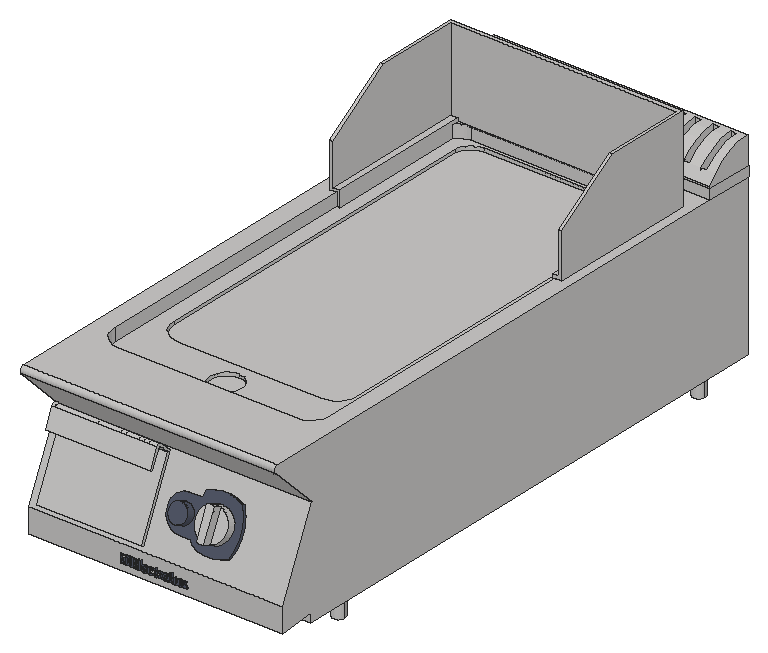
Revit family "QF_ELECTROLUXPROFESSIONAL_391402_E9IINAAOMCA", category Specialty Equipment, Revit 2018
Family settings
  Round Connector Dimension = Use Diameter
  Part Type = Normal
  Work Plane-Based = No
  Always vertical = Yes
  Cut with Voids When Loaded = No
  Shared = No
  Room Calculation Point = No
Parameters
  Width = 400 mm  # constant formula
  Weight in Pounds = 55  # constant formula
  Watts = 0 W
  URL Cutsheet = "www.electrolux.com/foodservice"
  URL = "www.electrolux.com/foodservice"
  Type Mark [instance] = ""
  Status [instance] = ""
  Specification by User [instance] = ""
  Specification by Manufacturer = ""
  Show Logo [instance] = yes
  Show Clearance [instance] = yes
  Serial Number = ""
  Seismic Rating = ""
  SMACNA No = ""
  Revision Code [instance] = ""
  Omniclass Number and Title = ""
  NAFEM Spec ID Number = ""
  Model = "391048"
  Mechanical Remarks [instance] = ""
  Mechanical Connection Type [instance] = ""
  Masterspec = ""
  Manufacturer = "ELECTROLUX"
  Item Number [instance] = ""
  Installed By [instance] = ""
  Identify Quantity as Lot [instance] = yes
  Height = 410 mm  # constant formula
  HP = "0 HP"
  Gas Size = 1/2"
  Gas RI Height [instance] = 0 mm
  Gas KW [instance] = 10
  Gas Input [instance] = 34090.0 Btu/h
  Gas Connection Height = 0 mm
  Furnished By [instance] = ""
  Foodservice Equipment Identifier [instance] = yes
  Direct Waste Size = 0"
  Description = "900XP HALF MODULE GAS FRY TOP, SMOOTH HORIZONTAL PLATE, MILD STEEL"
  Depth = 930 mm  # constant formula
  CSI MasterFormat = ""
  CSI Master Format = ""
  Base Height [instance] = 24 mm  # constant formula
Reference planes
  plane 1 "BACK": y = 0
  plane 2: z = 0
  plane 3 "LEFT": x = 0
  plane 4 "RIGHT": x = 400
  plane 5 "FRONT": y = -930
  plane 6 "TOP": z = 410
  plane 7 "Center Y": x = 200
  plane 8 "Center X": y = -465
  plane 9 "BASE": z = 24
  plane 10: y = -791
  plane 11: y = -83
  plane 12: x = 348
  plane 13: y = -1045
  plane 14: z = 275
  plane 15: y = -666
  plane 16: y = -346.873
Forms (mm)
  Extrusion 1, solid, material "QF_Clearances", visible <- "Show Clearance", detail levels coarse
    sketch origin (0, 0, 0) x (1, 0, 0) y (0, 1, 0)
      loop
        line (0, -930) -> (0, 0) -> (400.05, 0) -> (400.05, -930) -> (500.069, -930) -> (500.069, 100.019) -> (-100.019, 100.019) -> (-100.019, -930) -> (0, -930)
    from 0 to 410
  Extrusion 2, solid, material "QF_Finishes_Stainless Steel"
    sketch origin (0, -200, 0) x (0, 1, 0) y (0, 0, 1)
      loop
        line (200, 275) -> (-723.497, 275)
        arc (-723.497, 275) -> (-729.729, 270.836) -> (-728.267, 263.485) r 6.745
        line (-728.267, 263.485) -> (-657.416, 192.634) -> (-713.772, 70.59) -> (-713.772, 32.49) -> (-660.4, 38.1) -> (-660.4, 24) -> (200, 24) -> (200, 275)
    from 0 to 400.05
  Extrusion 3, void
    sketch origin (0, -202.381, 275.4) x (-1, 0, 0) y (0, -1, 0)
      loop
        arc (-55.4, -87.381) -> (-37.439, -79.942) -> (-30, -61.981) r 25.4
        line (-30, -61.981) -> (-30, 579.98)
        arc (-30, 579.98) -> (-40.99, 606.513) -> (-67.523, 617.504) r 37.523
        line (-67.523, 617.504) -> (-344.314, 617.504)
        arc (-344.314, 617.504) -> (-366.048, 608.501) -> (-375.05, 586.768) r 30.736
        line (-375.05, 586.768) -> (-375.05, -61.981)
        arc (-375.05, -61.981) -> (-367.611, -79.942) -> (-349.65, -87.381) r 25.4
        line (-349.65, -87.381) -> (-55.4, -87.381)
    from 0 to -20
  Extrusion 4, solid, material "QF_Finishes_Stainless Steel"
    sketch origin (0, -200, 0) x (1, 0, 0) y (0, 1, 0)
      loop
        circle (11.112, 117) r 9.525
      loop
        circle (11.112, -591) r 9.525
      loop
        circle (388.887, 117) r 9.525
      loop
        circle (388.888, -591) r 9.525
    from 0 to 24
  Extrusion 5, solid, material "QF_Finishes_Navy Blue - Electrolux"
    sketch origin (115.456, -913.772, 69.19) x (0, 0.419232, 0.907879) y (-1, 0, 0)
      loop
        arc (102.26, -132.62) -> (97.637, -130.762) -> (92.92, -129.161) r 90.355
        arc (92.92, -129.161) -> (93.04, -117.639) -> (92.027, -106.161) r 117.12
        arc (92.027, -106.161) -> (66.337, -82.611) -> (38.409, -103.459) r 27.322
        arc (38.409, -103.459) -> (36.611, -116.6) -> (37.509, -129.833) r 65.199
        arc (37.509, -129.833) -> (34.4, -130.94) -> (31.333, -132.16) r 90.355
        arc (31.333, -132.16) -> (24.504, -161.269) -> (31.333, -190.378) r 65.456
        arc (31.333, -190.378) -> (66.877, -199.452) -> (102.26, -189.765) r 71.728
        arc (102.26, -189.765) -> (108.852, -161.193) -> (102.26, -132.62) r 65.22
    from 0 to 3.175
  Extrusion 6, solid, material "QF_Finishes_Stainless Steel"
    sketch origin (115.456, -917.486, 68.721) x (0, 0.419232, 0.907879) y (-1, 0, 0)
      loop
        circle (68.826, -160.963) r 25.4
    from 0 to 12.7
  Extrusion 7, solid, material "QF_Finishes_Stainless Steel"
    sketch origin (115.456, -929.016, 74.045) x (0, 0.419232, 0.907879) y (-1, 0, 0)
      loop
        arc (93.558, -166.749) -> (94.226, -160.963) -> (93.558, -155.177) r 25.4
        line (93.558, -155.177) -> (44.094, -155.177)
        arc (44.094, -155.177) -> (43.426, -160.963) -> (44.094, -166.749) r 25.4
        line (44.094, -166.749) -> (93.558, -166.749)
    from 0 to 12.7
  Extrusion 8, solid, material "QF_Finishes_Navy Blue - Electrolux", visible <- "Show Logo"
    sketch origin (-142.26, -913.772, 35.853) x (0, 0, 1) y (-1, 0, 0)
      loop
        line (20.674, -296.698) -> (8.307, -296.698)
        arc (8.307, -296.698) -> (14.491, -301.27) -> (20.674, -296.698) r 6.467
      loop
        arc (20.674, -296.069) -> (19.505, -290.926) -> (14.849, -288.448) r 6.338
        line (14.849, -288.448) -> (14.849, -290.494)
        arc (14.849, -290.494) -> (16.333, -294.149) -> (19.778, -296.069) r 5.941
        line (19.778, -296.069) -> (20.674, -296.069)
      loop
        arc (9.203, -296.069) -> (12.648, -294.149) -> (14.132, -290.494) r 5.941
        line (14.132, -290.494) -> (14.132, -288.448)
        arc (14.132, -288.448) -> (9.438, -290.922) -> (8.148, -296.069) r 6.504
        line (8.148, -296.069) -> (9.203, -296.069)
      loop
        line (21.349, -287.979) -> (7.604, -287.979) -> (7.604, -301.742) -> (21.349, -301.742) -> (21.349, -287.979)
      loop
        arc (21.432, -304.71) -> (21.085, -304.352) -> (20.718, -304.69) r 0.358
        arc (20.718, -304.69) -> (20.404, -305.44) -> (19.687, -305.825) r 1.216
        line (19.687, -305.825) -> (9.274, -305.825)
        arc (9.274, -305.825) -> (8.614, -305.548) -> (8.218, -304.951) r 1.238
        arc (8.218, -304.951) -> (7.823, -304.7) -> (7.518, -305.054) r 0.358
        line (7.518, -305.054) -> (7.518, -314.933) -> (10.269, -314.933) -> (10.269, -314.036)
        arc (10.269, -314.036) -> (9.36, -313.456) -> (8.904, -312.479) r 1.928
        line (8.904, -312.479) -> (8.904, -309.98)
        arc (8.904, -309.98) -> (9.18, -309.251) -> (9.868, -308.887) r 1.101
        line (9.868, -308.887) -> (13.955, -308.887) -> (13.955, -312.561)
        arc (13.955, -312.561) -> (13.602, -313.058) -> (13.037, -313.286) r 1.083
        arc (13.037, -313.286) -> (12.773, -313.591) -> (13.065, -313.869) r 0.292
        line (13.065, -313.869) -> (16.028, -313.869)
        arc (16.028, -313.869) -> (16.33, -313.596) -> (16.092, -313.266) r 0.305
        arc (16.092, -313.266) -> (15.601, -313.018) -> (15.296, -312.561) r 1.083
        line (15.296, -312.561) -> (15.296, -308.887) -> (19.973, -308.887) -> (19.973, -312.635)
        arc (19.973, -312.635) -> (19.759, -313.39) -> (19.153, -313.888) r 1.314
        arc (19.153, -313.888) -> (18.934, -314.292) -> (19.288, -314.585) r 0.361
        line (19.288, -314.585) -> (21.432, -314.585) -> (21.432, -304.71)
      loop
        arc (20.715, -315.365) -> (20.335, -316.284) -> (19.416, -316.664) r 1.299
        line (19.416, -316.664) -> (9.837, -316.664)
        arc (9.837, -316.664) -> (8.999, -316.286) -> (8.728, -315.408) r 1.118
        line (8.728, -315.408) -> (7.518, -315.408) -> (7.518, -320.758) -> (8.706, -320.758)
        arc (8.706, -320.758) -> (8.978, -319.841) -> (9.848, -319.445) r 1.153
        line (9.848, -319.445) -> (21.92, -319.445) -> (20.715, -315.365)
      loop
        line (12.483, -323.394) -> (12.483, -329.842) -> (13.282, -329.842)
        arc (13.282, -329.842) -> (15.862, -328.857) -> (17.131, -326.404) r 3.874
        line (17.131, -326.404) -> (17.131, -324.643)
        arc (17.131, -324.643) -> (15.944, -321.778) -> (13.08, -320.592) r 4.051
        line (13.08, -320.592) -> (11.072, -320.592)
        arc (11.072, -320.592) -> (8.253, -322.077) -> (7.202, -325.084) r 4.352
        arc (7.202, -325.084) -> (7.566, -327.547) -> (8.943, -329.621) r 5.713
        line (8.943, -329.621) -> (9.892, -329.621)
        arc (9.892, -329.621) -> (9.16, -328.052) -> (8.943, -326.334) r 5.579
        arc (8.943, -326.334) -> (9.737, -324.371) -> (11.616, -323.394) r 3.057
        line (11.616, -323.394) -> (12.483, -323.394)
      loop
        line (13.742, -323.394) -> (13.742, -326.977)
        arc (13.742, -326.977) -> (15.199, -327.024) -> (16.082, -325.864) r 1.59
        line (16.082, -325.864) -> (16.082, -325.034)
        arc (16.082, -325.034) -> (15.217, -323.779) -> (13.742, -323.394) r 2.184
      loop
        arc (16.533, -339.259) -> (17.022, -337.585) -> (17.179, -335.848) r 9.023
        line (17.179, -335.848) -> (17.179, -334.486)
        arc (17.179, -334.486) -> (16.02, -331.686) -> (13.22, -330.527) r 3.959
        line (13.22, -330.527) -> (10.62, -330.527)
        arc (10.62, -330.527) -> (8.338, -331.819) -> (7.221, -334.192) r 4.331
        line (7.221, -334.192) -> (7.221, -336.327)
        arc (7.221, -336.327) -> (7.729, -337.877) -> (8.651, -339.223) r 5.772
        arc (8.651, -339.223) -> (9.412, -339.274) -> (9.499, -338.515) r 0.553
        arc (9.499, -338.515) -> (9.111, -337.781) -> (8.977, -336.962) r 2.573
        line (8.977, -336.962) -> (8.977, -335.447)
        arc (8.977, -335.447) -> (9.983, -333.806) -> (11.798, -333.163) r 2.884
        line (11.798, -333.163) -> (13.077, -333.163)
        arc (13.077, -333.163) -> (14.898, -333.723) -> (15.824, -335.388) r 2.554
        line (15.824, -335.388) -> (15.824, -336.441)
        arc (15.824, -336.441) -> (15.493, -337.369) -> (14.836, -338.104) r 2.564
        arc (14.836, -338.104) -> (14.614, -338.821) -> (15.223, -339.259) r 0.643
        line (15.223, -339.259) -> (16.533, -339.259)
      loop
        line (15.515, -339.53) -> (15.515, -341.031) -> (9.467, -341.031)
        arc (9.467, -341.031) -> (7.879, -341.688) -> (7.221, -343.276) r 2.246
        line (7.221, -343.276) -> (7.221, -344.86)
        arc (7.221, -344.86) -> (7.535, -345.725) -> (8.035, -346.496) r 4.06
        arc (8.035, -346.496) -> (8.768, -346.629) -> (9.019, -345.928) r 0.576
        arc (9.019, -345.928) -> (8.913, -345.403) -> (8.977, -344.87) r 1.69
        arc (8.977, -344.87) -> (9.519, -344.082) -> (10.425, -343.779) r 1.506
        line (10.425, -343.779) -> (15.563, -343.779) -> (15.563, -346.176) -> (16.119, -346.733) -> (16.941, -346.733) -> (16.941, -343.873) -> (20.172, -343.873) -> (15.515, -339.53)
      loop
        line (7.438, -347.63) -> (7.438, -353.017) -> (8.548, -353.017)
        arc (8.548, -353.017) -> (8.942, -352.066) -> (9.893, -351.672) r 1.345
        line (9.893, -351.672) -> (13.509, -351.672)
        arc (13.509, -351.672) -> (14.274, -352.264) -> (14.564, -353.186) r 1.615
        line (14.564, -353.186) -> (14.564, -354.742) -> (17.119, -355.427) -> (17.119, -354.044) -> (15.177, -351.485) -> (17.057, -351.485) -> (16.773, -348.779)
        arc (16.773, -348.779) -> (16.333, -348.249) -> (15.674, -348.45) r 0.621
        arc (15.674, -348.45) -> (15.274, -348.792) -> (14.78, -348.975) r 1.501
        line (14.78, -348.975) -> (9.893, -348.975)
        arc (9.893, -348.975) -> (8.942, -348.581) -> (8.548, -347.63) r 1.345
        line (8.548, -347.63) -> (7.438, -347.63)
      loop
        line (13.54, -354.964) -> (10.848, -354.964)
        arc (10.848, -354.964) -> (8.403, -356.272) -> (7.269, -358.803) r 4.288
        arc (7.269, -358.803) -> (7.205, -360.183) -> (7.269, -361.563) r 15.022
        arc (7.269, -361.563) -> (8.403, -364.094) -> (10.848, -365.401) r 4.288
        line (10.848, -365.401) -> (13.54, -365.401)
        arc (13.54, -365.401) -> (15.986, -364.094) -> (17.119, -361.563) r 4.288
        arc (17.119, -361.563) -> (17.183, -360.183) -> (17.119, -358.803) r 15.022
        arc (17.119, -358.803) -> (15.986, -356.272) -> (13.54, -354.964) r 4.288
      loop
        line (13.745, -358.078) -> (10.643, -358.078)
        arc (10.643, -358.078) -> (8.486, -360.235) -> (10.643, -362.392) r 2.157
        line (10.643, -362.392) -> (13.745, -362.392)
        arc (13.745, -362.392) -> (15.902, -360.235) -> (13.745, -358.078) r 2.157
      loop
        arc (20.726, -365.26) -> (20.355, -366.154) -> (19.461, -366.524) r 1.264
        line (19.461, -366.524) -> (9.597, -366.524)
        arc (9.597, -366.524) -> (8.727, -366.127) -> (8.455, -365.211) r 1.153
        line (8.455, -365.211) -> (7.518, -365.211) -> (7.518, -370.319) -> (8.446, -370.319)
        arc (8.446, -370.319) -> (8.805, -369.547) -> (9.597, -369.232) r 1.153
        line (9.597, -369.232) -> (21.92, -369.232) -> (20.726, -365.26)
      loop
        arc (15.846, -369.857) -> (15.647, -370.921) -> (14.678, -371.403) r 1.215
        line (14.678, -371.403) -> (9.658, -371.403)
        arc (9.658, -371.403) -> (8.043, -372.051) -> (7.322, -373.634) r 2.338
        line (7.322, -373.634) -> (7.322, -375.148)
        arc (7.322, -375.148) -> (7.497, -376.152) -> (7.999, -377.038) r 2.979
        line (7.999, -377.038) -> (7.518, -378.835) -> (7.518, -380.524) -> (16.943, -380.524) -> (16.649, -376.32) -> (15.863, -376.32)
        arc (15.863, -376.32) -> (15.507, -377.156) -> (14.755, -377.665) r 1.605
        line (14.755, -377.665) -> (9.652, -377.665)
        arc (9.652, -377.665) -> (9.232, -376.728) -> (9.159, -375.704) r 2.94
        arc (9.159, -375.704) -> (9.72, -374.603) -> (10.873, -374.16) r 1.724
        line (10.873, -374.16) -> (17.07, -374.16) -> (15.846, -369.857)
      loop
        line (16.874, -381.377) -> (15.202, -383.423) -> (12.028, -385.729) -> (8.572, -382.617)
        arc (8.572, -382.617) -> (8.335, -382.223) -> (8.357, -381.764) r 0.789
        line (8.357, -381.764) -> (7.518, -381.764) -> (7.518, -385.309) -> (8.344, -385.309)
        arc (8.344, -385.309) -> (8.686, -384.947) -> (9.176, -385.039) r 0.52
        line (9.176, -385.039) -> (10.976, -386.51) -> (8.858, -387.886)
        arc (8.858, -387.886) -> (8.457, -387.576) -> (8.37, -387.076) r 0.7
        line (8.37, -387.076) -> (7.518, -387.076) -> (7.518, -393.003) -> (8.405, -393.003)
        arc (8.405, -393.003) -> (8.472, -392.344) -> (8.866, -391.813) r 1.247
        line (8.866, -391.813) -> (13.066, -388.532) -> (15.513, -390.585) -> (16.874, -392.327) -> (16.874, -388.604) -> (15.389, -389.026) -> (13.868, -387.749) -> (15.568, -386.559) -> (16.874, -387.336) -> (16.874, -381.377)
    from 0 to 1.644
  Extrusion 9, solid, material "QF_Finishes_Stainless Steel"
    sketch origin (0, -200, 0) x (0, 1, 0) y (0, 0, 1)
      loop
        line (-658.831, 188.559) -> (-675.238, 204.966)
        arc (-675.238, 204.966) -> (-679.705, 206.368) -> (-683.409, 203.504) r 5.058
        line (-683.409, 203.504) -> (-696.071, 175.994) -> (-693.187, 174.666) -> (-680.525, 202.176)
        arc (-680.525, 202.176) -> (-679.146, 203.243) -> (-677.483, 202.721) r 1.883
        line (-677.483, 202.721) -> (-662.64, 187.878) -> (-713.474, 77.433) -> (-710.589, 76.105) -> (-658.831, 188.559)
    from 12.7 to 177.8
  Extrusion 10, solid, material "QF_Door-Drawer Clearances", visible <- "Show Clearance", detail levels coarse
    sketch origin (0, -301.6, 0) x (0, 1, 0) y (0, 0, 1)
      loop
        line (-576.323, 206.368) -> (-709.631, 206.368)
        arc (-709.631, 206.368) -> (-711.835, 205.39) -> (-713.335, 203.504) r 5.058
        line (-713.335, 203.504) -> (-725.997, 175.994) -> (-723.113, 174.666) -> (-710.451, 202.176)
        arc (-710.451, 202.176) -> (-709.072, 203.243) -> (-707.409, 202.721) r 1.883
        line (-707.409, 202.721) -> (-692.566, 187.878) -> (-743.4, 77.433) -> (-740.516, 76.105) -> (-608.989, 76.105) -> (-557.231, 188.559) -> (-573.638, 204.966)
        arc (-573.638, 204.966) -> (-574.873, 205.873) -> (-576.323, 206.368) r 5.058
    from 12.7 to 177.8
  Extrusion 11, solid, material "QF_Finishes_Stainless Steel"
    sketch origin (0, 0, 24) x (-1, 0, 0) y (0, 1, 0)
      loop
        circle (-348.05, -666) r 6.4
    from 0 to 18
  Extrusion 12, solid, material "QF_Finishes_Stainless Steel"
    sketch origin (0, -200, 0) x (0, -1, 0) y (0, 0, 1)
      loop
        line (-124.988, 275) -> (-124.988, 290) -> (-200, 290) -> (-200, 275) -> (-124.988, 275)
    from 0 to -400.05
  Extrusion 13, solid, material "QF_Finishes_Stainless Steel"
    sketch origin (0, 0, 0) x (0, 1, 0) y (0, 0, 1)
      loop
        line (0, 290) -> (0, 333.762)
        arc (0, 333.762) -> (-42.919, 323.313) -> (-75.012, 292.959) r 86.116
        line (-75.012, 292.959) -> (-75.012, 290) -> (0, 290)
    from 0 to 400
  Extrusion 14, void
    sketch origin (0, 0, 273.238) x (-1, 0, 0) y (0, -1, 0)
      loop
        line (-13.453, 6.761) -> (-13.453, 63.911) -> (-22.749, 63.911) -> (-22.749, 6.761) -> (-13.453, 6.761)
    from 25.4 to 63.5
  Extrusion 15, void
    sketch origin (400.05, 0, 273.238) x (1, 0, 0) y (0, 1, 0)
      loop
        line (-13.503, -6.761) -> (-22.799, -6.761) -> (-22.799, -63.911) -> (-13.503, -63.911) -> (-13.503, -6.761)
    from 25.4 to 63.5
  Extrusion 16, void
    sketch origin (27.988, 0, 273.238) x (-1, 0, 0) y (0, -1, 0)
      loop
        line (-13.453, 6.761) -> (-13.453, 63.911) -> (-22.749, 63.911) -> (-22.749, 6.761) -> (-13.453, 6.761)
    from 25.4 to 63.5
  Extrusion 17, void
    sketch origin (55.977, 0, 273.238) x (-1, 0, 0) y (0, -1, 0)
      loop
        line (-13.453, 6.761) -> (-13.453, 63.911) -> (-22.749, 63.911) -> (-22.749, 6.761) -> (-13.453, 6.761)
    from 25.4 to 63.5
  Extrusion 18, void
    sketch origin (83.965, 0, 273.238) x (-1, 0, 0) y (0, -1, 0)
      loop
        line (-13.428, 6.761) -> (-13.428, 63.911) -> (-22.724, 63.911) -> (-22.724, 6.761) -> (-13.428, 6.761)
    from 25.4 to 63.5
  Extrusion 19, void
    sketch origin (111.953, 0, 273.238) x (-1, 0, 0) y (0, -1, 0)
      loop
        line (-13.428, 6.761) -> (-13.428, 63.911) -> (-22.724, 63.911) -> (-22.724, 6.761) -> (-13.428, 6.761)
    from 25.4 to 63.5
  Extrusion 20, void
    sketch origin (139.942, 0, 273.238) x (-1, 0, 0) y (0, -1, 0)
      loop
        line (-13.428, 6.761) -> (-13.428, 63.911) -> (-22.724, 63.911) -> (-22.724, 6.761) -> (-13.428, 6.761)
    from 25.4 to 63.5
  Extrusion 21, void
    sketch origin (167.93, 0, 273.238) x (-1, 0, 0) y (0, -1, 0)
      loop
        line (-13.428, 6.761) -> (-13.428, 63.911) -> (-22.724, 63.911) -> (-22.724, 6.761) -> (-13.428, 6.761)
    from 25.4 to 63.5
  Extrusion 22, void
    sketch origin (307.872, 0, 273.238) x (-1, 0, 0) y (0, -1, 0)
      loop
        line (-13.403, 6.761) -> (-13.403, 63.911) -> (-22.699, 63.911) -> (-22.699, 6.761) -> (-13.403, 6.761)
    from 25.4 to 63.5
  Extrusion 23, void
    sketch origin (335.86, 0, 273.238) x (-1, 0, 0) y (0, -1, 0)
      loop
        line (-13.403, 6.761) -> (-13.403, 63.911) -> (-22.699, 63.911) -> (-22.699, 6.761) -> (-13.403, 6.761)
    from 25.4 to 63.5
  Extrusion 24, void
    sketch origin (228.013, 0, 273.238) x (-1, 0, 0) y (0, -1, 0)
      loop
        line (-13.428, 6.761) -> (-13.428, 63.911) -> (-22.724, 63.911) -> (-22.724, 6.761) -> (-13.428, 6.761)
    from 25.4 to 63.5
  Extrusion 25, void
    sketch origin (256.002, 0, 273.238) x (-1, 0, 0) y (0, -1, 0)
      loop
        line (-13.428, 6.761) -> (-13.428, 63.911) -> (-22.724, 63.911) -> (-22.724, 6.761) -> (-13.428, 6.761)
    from 25.4 to 63.5
  Extrusion 26, void
    sketch origin (283.99, 0, 273.238) x (-1, 0, 0) y (0, -1, 0)
      loop
        line (-13.403, 6.761) -> (-13.403, 63.911) -> (-22.699, 63.911) -> (-22.699, 6.761) -> (-13.403, 6.761)
    from 25.4 to 63.5
  Extrusion 27, void
    sketch origin (200.025, 0, 273.238) x (-1, 0, 0) y (0, -1, 0)
      loop
        line (-13.428, 6.761) -> (-13.428, 63.911) -> (-22.724, 63.911) -> (-22.724, 6.761) -> (-13.428, 6.761)
    from 25.4 to 63.5
  Extrusion 28, void
    sketch origin (0, -202.381, 255.4) x (0, -1, 0) y (-1, 0, 0)
      loop
        arc (-56.619, -55) -> (-74.579, -62.439) -> (-82.019, -80.4) r 25.4
        line (-82.019, -80.4) -> (-82.019, -322.6)
        arc (-82.019, -322.6) -> (-74.579, -340.561) -> (-56.619, -348) r 25.4
        line (-56.619, -348) -> (501.768, -348)
        arc (501.768, -348) -> (523.501, -338.998) -> (532.504, -317.264) r 30.736
        line (532.504, -317.264) -> (532.504, -92.523)
        arc (532.504, -92.523) -> (521.513, -65.99) -> (494.98, -55) r 37.523
        line (494.98, -55) -> (-56.619, -55)
      loop
        circle (572.619, -200) r 25
    from 0 to 5
  Extrusion 29, solid, material "QF_Finishes_Navy Blue - Electrolux"
    sketch origin (115.456, -916.655, 70.521) x (0, 0.419232, 0.907879) y (-1, 0, 0)
      loop
        circle (65.09, -109.237) r 15
    from 0 to 12.7
  Extrusion 30, solid, material "QF_Finishes_Stainless Steel"
    sketch origin (0, 0, 275) x (0, 0, -1) y (-1, 0, 0)
      loop
        line (19.6, -30) -> (0, -30) -> (0, -20) -> (-135, -20) -> (-135, -25) -> (-5, -25) -> (-5, -35) -> (19.6, -35) -> (19.6, -30)
      loop
        line (19.6, -375.05) -> (19.6, -370.05) -> (-5, -370.05) -> (-5, -380.05) -> (-135, -380.05) -> (-135, -385.05) -> (0, -385.05) -> (0, -375.05) -> (19.6, -375.05)
    from -110 to -346.873
  Extrusion 31, void
    sketch origin (385.05, 0, 292.959) x (0, 0, -1) y (0, -1, 0)
      loop
        line (-52.041, 346.873) -> (-117.041, 346.873) -> (-117.041, 246.781) -> (-52.041, 346.873)
    from 0 to 12.7
  Extrusion 32, void
    sketch origin (25, 0, 292.959) x (0, 0, -1) y (0, -1, 0)
      loop
        line (-52.041, 346.873) -> (-117.041, 346.873) -> (-117.041, 246.781) -> (-52.041, 346.873)
    from 0 to 12.7
  Extrusion 33, solid, material "QF_Finishes_Stainless Steel"
    sketch origin (0, -110, 275) x (0, 0, -1) y (-1, 0, 0)
      loop
        line (-135, -20) -> (-135, -385.05) -> (0, -385.05) -> (0, -20) -> (-135, -20)
    from 0 to -5
Cuts and joins
  Extrusion 3, Extrusion 28 cuts Extrusion 2
  Extrusion 14, Extrusion 15, Extrusion 16, Extrusion 17, Extrusion 18, Extrusion 19, Extrusion 20, Extrusion 21, Extrusion 22, Extrusion 23, Extrusion 24, Extrusion 25, Extrusion 26, Extrusion 27 cuts Extrusion 13
  Extrusion 24 cuts Extrusion 1
  Extrusion 31, Extrusion 32 cuts Extrusion 30
  joined: Extrusion 30, Extrusion 33
Lines and regions (mm)
  Split face 1
    outline origin (115.456, -928.185, 75.846) x (0, 0.419232, 0.907879) y (-1, 0, 0)
      loop
        line (78.679, -108.296) -> (67.103, -108.296) -> (67.103, -110.296) -> (78.679, -110.296) -> (78.679, -108.296)
  symbolic lines, style "QF_Clearances", visible <- "Show Clearance", detail levels coarse
    curve 1: line (-100.019, 100.019, 276.225) -> (-100.019, -930, 276.225)
    curve 2: line (500.069, 100.019, 276.225) -> (-100.019, 100.019, 276.225)
    curve 3: line (500.069, -930, 276.225) -> (500.069, 100.019, 276.225)
  symbolic lines
    curve 4: line (0, -75.012, 276.225) -> (400.05, -75.012, 276.225)
    curve 5: line (0, -930.25, 276.225) -> (0, 0, 276.225)
    curve 6: line (400.05, 0, 276.225) -> (400.05, -930.25, 276.225)
    curve 7: line (30, -346.873, 276.225) -> (30, -782.362, 276.225)
    curve 8: arc (30, -782.362, 276.225) -> (40.99, -808.895, 276.225) -> (67.523, -819.885, 276.225) r 37.523
    curve 9: arc (344.314, -819.885, 276.225) -> (366.048, -810.883, 276.225) -> (375.05, -789.149, 276.225) r 30.736
    curve 10: line (375.05, -789.149, 276.225) -> (375.05, -346.873, 276.225)
    curve 11: line (400.05, -930.25, 276.225) -> (0, -930.25, 276.225)
    curve 12: line (67.523, -819.885, 276.225) -> (344.314, -819.885, 276.225)
    curve 16: line (0, 0, 276.225) -> (400.05, 0, 276.225)
    curve 17: line (22.749, -6.761, 276.225) -> (22.749, -63.911, 276.225)
    curve 18: line (22.749, -63.911, 276.225) -> (13.453, -63.911, 276.225)
    curve 19: line (13.453, -63.911, 276.225) -> (13.453, -6.761, 276.225)
    curve 20: line (13.453, -6.761, 276.225) -> (22.749, -6.761, 276.225)
    curve 21: line (50.737, -6.761, 276.225) -> (50.737, -63.911, 276.225)
    curve 22: line (50.737, -63.911, 276.225) -> (41.441, -63.911, 276.225)
    curve 23: line (41.441, -63.911, 276.225) -> (41.441, -6.761, 276.225)
    curve 24: line (41.441, -6.761, 276.225) -> (50.737, -6.761, 276.225)
    curve 25: line (78.725, -6.761, 276.225) -> (78.725, -63.911, 276.225)
    curve 26: line (78.725, -63.911, 276.225) -> (69.43, -63.911, 276.225)
    curve 27: line (69.43, -63.911, 276.225) -> (69.43, -6.761, 276.225)
    curve 28: line (69.43, -6.761, 276.225) -> (78.725, -6.761, 276.225)
    curve 29: line (106.689, -6.761, 276.225) -> (106.689, -63.911, 276.225)
    curve 30: line (106.689, -63.911, 276.225) -> (97.393, -63.911, 276.225)
    curve 31: line (97.393, -63.911, 276.225) -> (97.393, -6.761, 276.225)
    curve 32: line (97.393, -6.761, 276.225) -> (106.689, -6.761, 276.225)
    curve 33: line (134.677, -6.761, 276.225) -> (134.677, -63.911, 276.225)
    curve 34: line (134.677, -63.911, 276.225) -> (125.381, -63.911, 276.225)
    curve 35: line (125.381, -63.911, 276.225) -> (125.381, -6.761, 276.225)
    curve 36: line (125.381, -6.761, 276.225) -> (134.677, -6.761, 276.225)
    curve 37: line (162.665, -6.761, 276.225) -> (162.665, -63.911, 276.225)
    curve 38: line (162.665, -63.911, 276.225) -> (153.37, -63.911, 276.225)
    curve 39: line (153.37, -63.911, 276.225) -> (153.37, -6.761, 276.225)
    curve 40: line (153.37, -6.761, 276.225) -> (162.665, -6.761, 276.225)
    curve 41: line (190.654, -6.761, 276.225) -> (190.654, -63.911, 276.225)
    curve 42: line (190.654, -63.911, 276.225) -> (181.358, -63.911, 276.225)
    curve 43: line (181.358, -63.911, 276.225) -> (181.358, -6.761, 276.225)
    curve 44: line (181.358, -6.761, 276.225) -> (190.654, -6.761, 276.225)
    curve 45: line (222.749, -6.761, 276.225) -> (222.749, -63.911, 276.225)
    curve 46: line (222.749, -63.911, 276.225) -> (213.453, -63.911, 276.225)
    curve 47: line (213.453, -63.911, 276.225) -> (213.453, -6.761, 276.225)
    curve 48: line (213.453, -6.761, 276.225) -> (222.749, -6.761, 276.225)
    curve 49: line (250.737, -6.761, 276.225) -> (250.737, -63.911, 276.225)
    curve 50: line (250.737, -63.911, 276.225) -> (241.441, -63.911, 276.225)
    curve 51: line (241.441, -63.911, 276.225) -> (241.441, -6.761, 276.225)
    curve 52: line (241.441, -6.761, 276.225) -> (250.737, -6.761, 276.225)
    curve 53: line (278.725, -6.761, 276.225) -> (278.725, -63.911, 276.225)
    curve 54: line (278.725, -63.911, 276.225) -> (269.43, -63.911, 276.225)
    curve 55: line (269.43, -63.911, 276.225) -> (269.43, -6.761, 276.225)
    curve 56: line (269.43, -6.761, 276.225) -> (278.725, -6.761, 276.225)
    curve 57: line (306.689, -6.761, 276.225) -> (306.689, -63.911, 276.225)
    curve 58: line (306.689, -63.911, 276.225) -> (297.393, -63.911, 276.225)
    curve 59: line (297.393, -63.911, 276.225) -> (297.393, -6.761, 276.225)
    curve 60: line (297.393, -6.761, 276.225) -> (306.689, -6.761, 276.225)
    curve 61: line (330.57, -6.761, 276.225) -> (330.57, -63.911, 276.225)
    curve 62: line (330.57, -63.911, 276.225) -> (321.275, -63.911, 276.225)
    curve 63: line (321.275, -63.911, 276.225) -> (321.275, -6.761, 276.225)
    curve 64: line (321.275, -6.761, 276.225) -> (330.57, -6.761, 276.225)
    curve 65: line (358.559, -6.761, 276.225) -> (358.559, -63.911, 276.225)
    curve 66: line (358.559, -63.911, 276.225) -> (349.263, -63.911, 276.225)
    curve 67: line (349.263, -63.911, 276.225) -> (349.263, -6.761, 276.225)
    curve 68: line (349.263, -6.761, 276.225) -> (358.559, -6.761, 276.225)
    curve 69: line (386.547, -6.761, 276.225) -> (386.547, -63.911, 276.225)
    curve 70: line (386.547, -63.911, 276.225) -> (377.251, -63.911, 276.225)
    curve 71: line (377.251, -63.911, 276.225) -> (377.251, -6.761, 276.225)
    curve 72: line (377.251, -6.761, 276.225) -> (386.547, -6.761, 276.225)
    curve 73: line (20, -110, 276.225) -> (20, -346.873, 276.225)
    curve 74: line (385.05, -110, 276.225) -> (20, -110, 276.225)
    curve 75: line (385.05, -346.873, 276.225) -> (385.05, -110, 276.225)
    curve 76: line (20, -346.873, 276.225) -> (35, -346.873, 276.225)
    curve 77: line (370.05, -346.873, 276.225) -> (385.05, -346.873, 276.225)
    curve 78: arc (55, -145.762, 276.225) -> (62.439, -127.802, 276.225) -> (80.4, -120.362, 276.225) r 25.4
    curve 79: line (80.4, -120.362, 276.225) -> (322.6, -120.362, 276.225)
    curve 80: arc (322.6, -120.362, 276.225) -> (340.561, -127.802, 276.225) -> (348, -145.762, 276.225) r 25.4
    curve 81: line (348, -145.762, 276.225) -> (348, -704.149, 276.225)
    curve 82: arc (348, -704.149, 276.225) -> (338.998, -725.883, 276.225) -> (317.264, -734.885, 276.225) r 30.736
    curve 83: line (317.264, -734.885, 276.225) -> (92.523, -734.885, 276.225)
    curve 84: arc (92.523, -734.885, 276.225) -> (65.99, -723.895, 276.225) -> (55, -697.362, 276.225) r 37.523
    curve 85: line (55, -697.362, 276.225) -> (55, -145.762, 276.225)
    curve 86: line (370.05, -346.873, 276.225) -> (370.05, -115, 276.225)
    curve 87: line (380.05, -115, 276.225) -> (380.05, -346.873, 276.225)
    curve 88: line (35, -346.873, 276.225) -> (35, -115, 276.225)
    curve 89: line (25, -346.873, 276.225) -> (25, -115, 276.225)
    curve 90: line (35, -115, 276.225) -> (380.05, -115, 276.225)
    curve 91: arc (370.05, -125.267, 276.225) -> (361.069, -117.712, 276.225) -> (349.65, -115, 276.225) r 25.4
    curve 92: arc (55.4, -115, 276.225) -> (43.981, -117.712, 276.225) -> (35, -125.267, 276.225) r 25.4
    curve 93: arc (200, -750, 276.225) -> (225, -775, 276.225) -> (200, -800, 276.225) r 25
    curve 94: arc (200, -800, 276.225) -> (175, -775, 276.225) -> (200, -750, 276.225) r 25
  symbolic lines, style "QF_Door-Drawer Clearances", visible <- "Show Clearance", detail levels coarse
    curve 13: line (12.7, -930.25, 276.225) -> (12.7, -1045, 276.225)
    curve 14: line (12.7, -1045, 276.225) -> (177.8, -1045, 276.225)
    curve 15: line (177.8, -1045, 276.225) -> (177.8, -930.25, 276.225)
Dimensions and locks
  equal spacing: plane 3 "LEFT", plane 7 "Center Y", plane 4 "RIGHT"
  "Width": plane 3 "LEFT" to plane 4 "RIGHT"
  equal spacing: plane 5 "FRONT", plane 8 "Center X", plane 1 "BACK"
  "Depth": plane 5 "FRONT" to plane 1 "BACK"
  plane 1 "BACK" to plane 5 "FRONT" = 930 mm
  "Base Height": plane 9 "BASE" to level
  plane 9 "BASE" to level = 24 mm
  plane 6 "TOP" to level = 410 mm
  plane 6 "TOP" to plane 9 "BASE" = 386 mm
  plane 13 to plane 1 "BACK" = 1045 mm
  plane 5 "FRONT" to plane 1 "BACK" = 930 mm
  Extrusion 4 sketch curve to plane 1 "BACK" = 83 mm
  plane 10 to plane 11 to plane 1 "BACK" = 708 mm, 83 mm
  Extrusion 4 sketch curve to Extrusion 4 sketch curve = 708 mm
  plane 5 "FRONT" to plane 10 = 139 mm
  Extrusion 11 to plane 9 "BASE" = 18 mm
  plane 14 to plane 9 "BASE" = 251 mm
  plane 15 to plane 1 "BACK" = 666 mm
  plane 9 "BASE" to plane 2 = 24 mm
  plane 9 "BASE" to cut or joined group of Extrusion 13, Extrusion 14, Extrusion 15, Extrusion 16, Extrusion 17, Extrusion 18, Extrusion 19, Extrusion 20, Extrusion 21, Extrusion 22, Extrusion 23, Extrusion 24, Extrusion 25, Extrusion 26, Extrusion 27 = 266 mm
  aligned and locked: level to plane 2
  aligned and locked: plane 9 "BASE" to Extrusion 4
Automatic sketch dimensions
  plane 5 "FRONT" to Extrusion 1 sketch curve = 0 mm  (x2)
  plane 1 "BACK" to Extrusion 1 sketch curve = 0 mm
  Extrusion 1 sketch curve to plane 3 "LEFT" = 0 mm
  Extrusion 1 sketch curve to plane 3 "LEFT" = 100.019 mm
  plane 4 "RIGHT" to Extrusion 1 sketch curve = 0.05 mm
  Extrusion 1 sketch curve to Extrusion 1 sketch curve = 100.019 mm
  Extrusion 1 sketch curve to plane 1 "BACK" = 100.019 mm
  Extrusion 2 sketch curve to plane 14 = 0 mm
  Extrusion 2 sketch curve to plane 9 "BASE" = 0 mm
  Extrusion 2 sketch curve to plane 1 "BACK" = 0 mm
  plane 10 to Extrusion 2 sketch curve = 66.416 mm
  plane 9 "BASE" to Extrusion 2 sketch curve = 14.1 mm
  plane 10 to Extrusion 2 sketch curve = 69.4 mm
  Extrusion 2 sketch curve to plane 5 "FRONT" = 16.228 mm
  Extrusion 2 sketch curve to plane 5 "FRONT" = 6.503 mm
  Extrusion 2 sketch curve to plane 5 "FRONT" = 1.733 mm
  plane 9 "BASE" to Extrusion 2 sketch curve = 8.49 mm
  Extrusion 2 sketch curve to Extrusion 2 sketch curve = 38.1 mm
  Extrusion 2 sketch curve to plane 14 = 82.366 mm
  Extrusion 2 sketch curve to plane 14 = 11.515 mm
  plane 10 to Extrusion 4 sketch curve = 0 mm
  plane 11 to Extrusion 4 sketch curve = 0 mm
  plane 3 "LEFT" to Extrusion 4 sketch curve = 11.112 mm  (x2)
  Extrusion 4 sketch curve to plane 4 "RIGHT" = 11.113 mm  (x2)
  Extrusion 5 sketch curve to Extrusion 5 sketch curve = 0 mm  (x5)
  plane 7 "Center Y" to Extrusion 5 sketch curve = 37.638 mm
  Extrusion 5 sketch curve to Extrusion 5 sketch curve = 55.325 mm
  plane 12 to Extrusion 5 sketch curve = 42.166 mm
  Extrusion 5 sketch curve to Extrusion 5 sketch curve = 6.176 mm
  Extrusion 5 sketch curve to Extrusion 5 sketch curve = 0.9 mm
  Extrusion 5 sketch curve to Extrusion 5 sketch curve = 12.3 mm  (x2)
  Extrusion 5 sketch curve to Extrusion 5 sketch curve = 26.552 mm
  plane 12 to Extrusion 5 sketch curve = 17.051 mm
  Extrusion 5 sketch curve to Extrusion 5 sketch curve = 34.925 mm
  Extrusion 5 sketch curve to Extrusion 5 sketch curve = 1.296 mm
  Extrusion 5 sketch curve to Extrusion 5 sketch curve = 23.703 mm
  plane 7 "Center Y" to Extrusion 5 sketch curve = 21.617 mm
  Extrusion 5 sketch curve to Extrusion 5 sketch curve = 27.065 mm
  Extrusion 5 sketch curve to Extrusion 5 sketch curve = 0.893 mm
  Extrusion 5 sketch curve to Extrusion 5 sketch curve = 8.853 mm
  Extrusion 5 sketch curve to Extrusion 5 sketch curve = 9.34 mm
  Extrusion 5 sketch curve to Extrusion 5 sketch curve = 28.496 mm
  Extrusion 7 sketch curve to Extrusion 7 sketch curve = 24.732 mm
  Extrusion 7 sketch curve to Extrusion 7 sketch curve = 0 mm
  plane 9 "BASE" to Extrusion 8 sketch curve = 14.013 mm
  plane 9 "BASE" to Extrusion 8 sketch curve = 19.054 mm
  plane 7 "Center Y" to Extrusion 8 sketch curve = 2.6 mm
  Extrusion 8 sketch curve to Extrusion 8 sketch curve = 5.06 mm
  Extrusion 8 sketch curve to Extrusion 8 sketch curve = 0 mm  (x28)
  Extrusion 8 sketch curve to Extrusion 8 sketch curve = 5.108 mm  (x2)
  Extrusion 8 sketch curve to Extrusion 8 sketch curve = 0.054 mm
  Extrusion 8 sketch curve to Extrusion 8 sketch curve = 0.218 mm
  Extrusion 8 sketch curve to Extrusion 8 sketch curve = 0.195 mm
  Extrusion 8 sketch curve to Extrusion 8 sketch curve = 0.249 mm
  plane 9 "BASE" to Extrusion 8 sketch curve = 19.371 mm
  Extrusion 8 sketch curve to Extrusion 8 sketch curve = 0.087 mm
  Extrusion 8 sketch curve to Extrusion 8 sketch curve = 0.358 mm
  Extrusion 8 sketch curve to Extrusion 8 sketch curve = 0.481 mm
  Extrusion 8 sketch curve to Extrusion 8 sketch curve = 0.597 mm
  Extrusion 8 sketch curve to Extrusion 8 sketch curve = 0.544 mm
  Extrusion 8 sketch curve to Extrusion 8 sketch curve = 0.936 mm
  Extrusion 8 sketch curve to Extrusion 8 sketch curve = 0.594 mm
  Extrusion 8 sketch curve to Extrusion 8 sketch curve = 0.343 mm
  Extrusion 8 sketch curve to Extrusion 8 sketch curve = 0.159 mm
  Extrusion 8 sketch curve to Extrusion 8 sketch curve = 0.826 mm
  Extrusion 8 sketch curve to Extrusion 8 sketch curve = 0.839 mm
  Extrusion 8 sketch curve to Extrusion 8 sketch curve = 0.852 mm
  Extrusion 8 sketch curve to Extrusion 8 sketch curve = 0.887 mm
  Extrusion 8 sketch curve to Extrusion 8 sketch curve = 0.928 mm
  Extrusion 8 sketch curve to Extrusion 8 sketch curve = 0.938 mm
  Extrusion 8 sketch curve to Extrusion 8 sketch curve = 0.444 mm
  Extrusion 8 sketch curve to Extrusion 8 sketch curve = 1.11 mm  (x3)
  Extrusion 8 sketch curve to Extrusion 8 sketch curve = 0.215 mm
  Extrusion 8 sketch curve to Extrusion 8 sketch curve = 1.43 mm
  Extrusion 8 sketch curve to Extrusion 8 sketch curve = 1.188 mm
  Extrusion 8 sketch curve to Extrusion 8 sketch curve = 1.21 mm  (x2)
  Extrusion 8 sketch curve to Extrusion 8 sketch curve = 0.503 mm
  Extrusion 8 sketch curve to Extrusion 8 sketch curve = 0.488 mm
  Extrusion 8 sketch curve to Extrusion 8 sketch curve = 0.462 mm
  Extrusion 8 sketch curve to Extrusion 8 sketch curve = 1.386 mm
  Extrusion 8 sketch curve to Extrusion 8 sketch curve = 1.742 mm  (x2)
  Extrusion 8 sketch curve to Extrusion 8 sketch curve = 0.821 mm
  Extrusion 8 sketch curve to Extrusion 8 sketch curve = 0.497 mm
  Extrusion 8 sketch curve to Extrusion 8 sketch curve = 0.539 mm
  Extrusion 8 sketch curve to Extrusion 8 sketch curve = 0.686 mm
  Extrusion 8 sketch curve to Extrusion 8 sketch curve = 0.408 mm
  Extrusion 8 sketch curve to Extrusion 8 sketch curve = 0.743 mm
  Extrusion 8 sketch curve to Extrusion 8 sketch curve = 1.16 mm
  Extrusion 8 sketch curve to Extrusion 8 sketch curve = 0.329 mm
  Extrusion 8 sketch curve to Extrusion 8 sketch curve = 1.054 mm
  Extrusion 8 sketch curve to Extrusion 8 sketch curve = 1.056 mm
  Extrusion 8 sketch curve to Extrusion 8 sketch curve = 0.129 mm
  Extrusion 8 sketch curve to Extrusion 8 sketch curve = 0.489 mm
  Extrusion 8 sketch curve to Extrusion 8 sketch curve = 0.441 mm
  Extrusion 8 sketch curve to Extrusion 8 sketch curve = 1.151 mm
  Extrusion 8 sketch curve to Extrusion 8 sketch curve = 1.141 mm  (x2)
  Extrusion 8 sketch curve to Extrusion 8 sketch curve = 0.768 mm
  Extrusion 8 sketch curve to Extrusion 8 sketch curve = 1.653 mm
  Extrusion 8 sketch curve to Extrusion 8 sketch curve = 0.499 mm
  Extrusion 8 sketch curve to Extrusion 8 sketch curve = 0.964 mm
  Extrusion 8 sketch curve to Extrusion 8 sketch curve = 0.949 mm
  Extrusion 8 sketch curve to Extrusion 8 sketch curve = 1.345 mm  (x2)
  Extrusion 8 sketch curve to Extrusion 8 sketch curve = 1.101 mm
  Extrusion 8 sketch curve to Extrusion 8 sketch curve = 0.432 mm
  Extrusion 8 sketch curve to Extrusion 8 sketch curve = 1.142 mm
  Extrusion 8 sketch curve to Extrusion 8 sketch curve = 0.959 mm
  Extrusion 8 sketch curve to Extrusion 8 sketch curve = 0.176 mm
  Extrusion 8 sketch curve to Extrusion 8 sketch curve = 0.728 mm
  Extrusion 8 sketch curve to Extrusion 8 sketch curve = 3.375 mm  (x2)
  Extrusion 8 sketch curve to Extrusion 8 sketch curve = 0.541 mm
  Extrusion 8 sketch curve to Extrusion 8 sketch curve = 0.955 mm
  Extrusion 8 sketch curve to Extrusion 8 sketch curve = 1.251 mm
  Extrusion 8 sketch curve to Extrusion 8 sketch curve = 0.572 mm
  Extrusion 8 sketch curve to Extrusion 8 sketch curve = 1.92 mm
  Extrusion 8 sketch curve to Extrusion 8 sketch curve = 1.224 mm
  Extrusion 8 sketch curve to Extrusion 8 sketch curve = 0.745 mm
  Extrusion 8 sketch curve to Extrusion 8 sketch curve = 2.537 mm
  Extrusion 8 sketch curve to Extrusion 8 sketch curve = 0.896 mm  (x3)
  Extrusion 8 sketch curve to Extrusion 8 sketch curve = 0.036 mm
  Extrusion 8 sketch curve to Extrusion 8 sketch curve = 2.607 mm
  Extrusion 8 sketch curve to Extrusion 8 sketch curve = 0.066 mm
  Extrusion 8 sketch curve to Extrusion 8 sketch curve = 0.248 mm
  Extrusion 8 sketch curve to Extrusion 8 sketch curve = 0.449 mm
  Extrusion 8 sketch curve to Extrusion 8 sketch curve = 1.052 mm
  Extrusion 8 sketch curve to Extrusion 8 sketch curve = 1.863 mm
  Extrusion 8 sketch curve to Extrusion 8 sketch curve = 1.31 mm  (x2)
  Extrusion 8 sketch curve to Extrusion 8 sketch curve = 0.901 mm
  Extrusion 8 sketch curve to Extrusion 8 sketch curve = 1.107 mm
  Extrusion 8 sketch curve to Extrusion 8 sketch curve = 2.122 mm
  Extrusion 8 sketch curve to Extrusion 8 sketch curve = 2.101 mm
  Extrusion 8 sketch curve to Extrusion 8 sketch curve = 0.106 mm
  Extrusion 8 sketch curve to Extrusion 8 sketch curve = 0.029 mm
  Extrusion 8 sketch curve to Extrusion 8 sketch curve = 2.09 mm
  Extrusion 8 sketch curve to Extrusion 8 sketch curve = 1.279 mm
  Extrusion 8 sketch curve to Extrusion 8 sketch curve = 2.008 mm
  Extrusion 8 sketch curve to Extrusion 8 sketch curve = 0.738 mm
  Extrusion 8 sketch curve to Extrusion 8 sketch curve = 0.382 mm
  Extrusion 8 sketch curve to Extrusion 8 sketch curve = 0.384 mm
  Extrusion 8 sketch curve to Extrusion 8 sketch curve = 0.002 mm
  Extrusion 8 sketch curve to Extrusion 8 sketch curve = 0.561 mm
  Extrusion 8 sketch curve to Extrusion 8 sketch curve = 0.592 mm
  Extrusion 8 sketch curve to Extrusion 8 sketch curve = 2.692 mm
  Extrusion 8 sketch curve to Extrusion 8 sketch curve = 1.259 mm
  Extrusion 8 sketch curve to Extrusion 8 sketch curve = 0.802 mm
  Extrusion 8 sketch curve to Extrusion 8 sketch curve = 1.024 mm
  Extrusion 8 sketch curve to Extrusion 8 sketch curve = 0.682 mm
  Extrusion 8 sketch curve to Extrusion 8 sketch curve = 5.934 mm
  Extrusion 8 sketch curve to Extrusion 8 sketch curve = 2.186 mm
  Extrusion 8 sketch curve to Extrusion 8 sketch curve = 0.337 mm
  Extrusion 8 sketch curve to Extrusion 8 sketch curve = 0.021 mm
  Extrusion 8 sketch curve to Extrusion 8 sketch curve = 1.005 mm
  Extrusion 8 sketch curve to Extrusion 8 sketch curve = 0.552 mm
  Extrusion 8 sketch curve to Extrusion 8 sketch curve = 0.778 mm
  Extrusion 8 sketch curve to Extrusion 8 sketch curve = 0.063 mm
  Extrusion 8 sketch curve to Extrusion 8 sketch curve = 1.023 mm
  Extrusion 8 sketch curve to Extrusion 8 sketch curve = 3.804 mm
  Extrusion 8 sketch curve to Extrusion 8 sketch curve = 0.486 mm
  Extrusion 8 sketch curve to Extrusion 8 sketch curve = 0.266 mm  (x2)
  Extrusion 8 sketch curve to Extrusion 8 sketch curve = 1.547 mm
  Extrusion 8 sketch curve to Extrusion 8 sketch curve = 0.717 mm  (x2)
  Extrusion 8 sketch curve to Extrusion 8 sketch curve = 1.667 mm
  Extrusion 8 sketch curve to Extrusion 8 sketch curve = 3.174 mm
  Extrusion 8 sketch curve to Extrusion 8 sketch curve = 0.388 mm
  Extrusion 8 sketch curve to Extrusion 8 sketch curve = 1.342 mm
  Extrusion 8 sketch curve to Extrusion 8 sketch curve = 1.521 mm
  Extrusion 8 sketch curve to Extrusion 8 sketch curve = 0.124 mm
  Extrusion 8 sketch curve to Extrusion 8 sketch curve = 0.291 mm
  plane 7 "Center Y" to Extrusion 8 sketch curve = 3.916 mm
  Extrusion 8 sketch curve to Extrusion 8 sketch curve = 1.049 mm  (x2)
  Extrusion 8 sketch curve to Extrusion 8 sketch curve = 1.7 mm
  Extrusion 8 sketch curve to Extrusion 8 sketch curve = 0.894 mm
  Extrusion 8 sketch curve to Extrusion 8 sketch curve = 0.989 mm
  Extrusion 8 sketch curve to Extrusion 8 sketch curve = 1.168 mm
  Extrusion 8 sketch curve to Extrusion 8 sketch curve = 1.594 mm
  Extrusion 8 sketch curve to Extrusion 8 sketch curve = 0.731 mm
  Extrusion 8 sketch curve to Extrusion 8 sketch curve = 1.566 mm
  Extrusion 8 sketch curve to Extrusion 8 sketch curve = 0.064 mm
  plane 7 "Center Y" to Extrusion 8 sketch curve = 4.472 mm
  Extrusion 8 sketch curve to Extrusion 8 sketch curve = 0.556 mm  (x2)
  Extrusion 8 sketch curve to Extrusion 8 sketch curve = 0.48 mm
  Extrusion 8 sketch curve to Extrusion 8 sketch curve = 0.228 mm
  Extrusion 8 sketch curve to Extrusion 8 sketch curve = 1.018 mm
  Extrusion 8 sketch curve to Extrusion 8 sketch curve = 0.787 mm
  Extrusion 8 sketch curve to Extrusion 8 sketch curve = 0.618 mm
  Extrusion 8 sketch curve to Extrusion 8 sketch curve = 1.672 mm
  Extrusion 8 sketch curve to Extrusion 8 sketch curve = 1.361 mm
  Extrusion 8 sketch curve to Extrusion 8 sketch curve = 0.822 mm
  Extrusion 8 sketch curve to Extrusion 8 sketch curve = 0.069 mm
  Extrusion 8 sketch curve to Extrusion 8 sketch curve = 1.88 mm
  Extrusion 8 sketch curve to Extrusion 8 sketch curve = 0.42 mm
  Extrusion 8 sketch curve to Extrusion 8 sketch curve = 0.062 mm
  Extrusion 8 sketch curve to Extrusion 8 sketch curve = 1.355 mm
  Extrusion 8 sketch curve to Extrusion 8 sketch curve = 2.34 mm
  Extrusion 8 sketch curve to Extrusion 8 sketch curve = 0.493 mm
  Extrusion 8 sketch curve to Extrusion 8 sketch curve = 0.136 mm
  Extrusion 8 sketch curve to Extrusion 8 sketch curve = 0.128 mm
  Extrusion 8 sketch curve to Extrusion 8 sketch curve = 3.616 mm
  Extrusion 8 sketch curve to Extrusion 8 sketch curve = 4.207 mm
  Extrusion 8 sketch curve to Extrusion 8 sketch curve = 0.183 mm
  Extrusion 8 sketch curve to Extrusion 8 sketch curve = 0.895 mm
  Extrusion 8 sketch curve to Extrusion 8 sketch curve = 1.314 mm
  plane 7 "Center Y" to Extrusion 8 sketch curve = 1.612 mm
  Extrusion 8 sketch curve to Extrusion 8 sketch curve = 3.231 mm
  Extrusion 8 sketch curve to Extrusion 8 sketch curve = 1.299 mm
  Extrusion 8 sketch curve to Extrusion 8 sketch curve = 1.214 mm
  Extrusion 8 sketch curve to Extrusion 8 sketch curve = 1.264 mm
  Extrusion 8 sketch curve to Extrusion 8 sketch curve = 0.109 mm
  Extrusion 8 sketch curve to Extrusion 8 sketch curve = 0.357 mm
  Extrusion 8 sketch curve to Extrusion 8 sketch curve = 0.565 mm
  Extrusion 8 sketch curve to Extrusion 8 sketch curve = 2.504 mm
  Extrusion 8 sketch curve to Extrusion 8 sketch curve = 2.459 mm
  Extrusion 8 sketch curve to Extrusion 8 sketch curve = 1.322 mm
  Extrusion 8 sketch curve to Extrusion 8 sketch curve = 2.77 mm
  Extrusion 8 sketch curve to Extrusion 8 sketch curve = 2.51 mm
  Extrusion 8 sketch curve to Extrusion 8 sketch curve = 0.187 mm
  Extrusion 8 sketch curve to Extrusion 8 sketch curve = 2.559 mm
  Extrusion 8 sketch curve to Extrusion 8 sketch curve = 1.556 mm
  Extrusion 8 sketch curve to Extrusion 8 sketch curve = 0.222 mm
  Extrusion 8 sketch curve to Extrusion 8 sketch curve = 1.383 mm
  Extrusion 8 sketch curve to Extrusion 8 sketch curve = 3.114 mm
  Extrusion 8 sketch curve to Extrusion 8 sketch curve = 3.376 mm
  Extrusion 8 sketch curve to Extrusion 8 sketch curve = 0.934 mm
  Extrusion 8 sketch curve to Extrusion 8 sketch curve = 0.191 mm
  Extrusion 8 sketch curve to Extrusion 8 sketch curve = 3.696 mm
  Extrusion 8 sketch curve to Extrusion 8 sketch curve = 2.708 mm
  Extrusion 8 sketch curve to Extrusion 8 sketch curve = 3.333 mm
  Extrusion 8 sketch curve to Extrusion 8 sketch curve = 0.332 mm
  Extrusion 8 sketch curve to Extrusion 8 sketch curve = 1.087 mm
  Extrusion 8 sketch curve to Extrusion 8 sketch curve = 2.23 mm
  Extrusion 8 sketch curve to Extrusion 8 sketch curve = 2.757 mm
  Extrusion 8 sketch curve to Extrusion 8 sketch curve = 0.987 mm
  Extrusion 8 sketch curve to Extrusion 8 sketch curve = 1.529 mm
  Extrusion 8 sketch curve to Extrusion 8 sketch curve = 1.796 mm
  Extrusion 8 sketch curve to Extrusion 8 sketch curve = 2.859 mm
  Extrusion 8 sketch curve to Extrusion 8 sketch curve = 0.853 mm
  Extrusion 8 sketch curve to Extrusion 8 sketch curve = 1.241 mm
  Extrusion 8 sketch curve to Extrusion 8 sketch curve = 2.046 mm  (x2)
  Extrusion 8 sketch curve to Extrusion 8 sketch curve = 2.422 mm
  Extrusion 8 sketch curve to Extrusion 8 sketch curve = 0.27 mm  (x2)
  Extrusion 8 sketch curve to Extrusion 8 sketch curve = 0.69 mm
  Extrusion 8 sketch curve to Extrusion 8 sketch curve = 0.781 mm  (x2)
  Extrusion 8 sketch curve to Extrusion 8 sketch curve = 3.136 mm
  Extrusion 8 sketch curve to Extrusion 8 sketch curve = 1.767 mm
  Extrusion 8 sketch curve to Extrusion 8 sketch curve = 0.138 mm
  Extrusion 8 sketch curve to Extrusion 8 sketch curve = 0.777 mm
  Extrusion 8 sketch curve to Extrusion 8 sketch curve = 1.19 mm
  Extrusion 8 sketch curve to Extrusion 8 sketch curve = 0.782 mm
  Extrusion 8 sketch curve to Extrusion 8 sketch curve = 1.268 mm
  Extrusion 8 sketch curve to Extrusion 8 sketch curve = 0.422 mm  (x2)
  Extrusion 8 sketch curve to Extrusion 8 sketch curve = 1.559 mm
  Extrusion 8 sketch curve to Extrusion 8 sketch curve = 3.927 mm
  Extrusion 8 sketch curve to Extrusion 8 sketch curve = 0.983 mm
  Extrusion 8 sketch curve to Extrusion 8 sketch curve = 1.134 mm
  plane 7 "Center Y" to Extrusion 8 sketch curve = 1.016 mm
  Extrusion 8 sketch curve to Extrusion 8 sketch curve = 1.501 mm
  Extrusion 8 sketch curve to Extrusion 8 sketch curve = 1.808 mm
  Extrusion 8 sketch curve to Extrusion 8 sketch curve = 0.643 mm
  Extrusion 8 sketch curve to Extrusion 8 sketch curve = 0.916 mm
  Extrusion 8 sketch curve to Extrusion 8 sketch curve = 0.352 mm
  Extrusion 8 sketch curve to Extrusion 8 sketch curve = 0.458 mm
  Extrusion 8 sketch curve to Extrusion 8 sketch curve = 1.282 mm
  Extrusion 8 sketch curve to Extrusion 8 sketch curve = 1.363 mm
  Extrusion 8 sketch curve to Extrusion 8 sketch curve = 0.685 mm
  Extrusion 8 sketch curve to Extrusion 8 sketch curve = 0.905 mm
  Extrusion 8 sketch curve to Extrusion 8 sketch curve = 2.865 mm
  Extrusion 8 sketch curve to Extrusion 8 sketch curve = 0.472 mm
  Extrusion 8 sketch curve to Extrusion 8 sketch curve = 0.101 mm
  Extrusion 8 sketch curve to Extrusion 8 sketch curve = 0.54 mm
  Extrusion 8 sketch curve to Extrusion 8 sketch curve = 0.02 mm
  Extrusion 8 sketch curve to Extrusion 8 sketch curve = 0.468 mm
  Extrusion 8 sketch curve to Extrusion 8 sketch curve = 0.829 mm
  Extrusion 8 sketch curve to Extrusion 8 sketch curve = 0.582 mm
  Extrusion 8 sketch curve to Extrusion 8 sketch curve = 0.166 mm
  Extrusion 8 sketch curve to Extrusion 8 sketch curve = 0.16 mm
  Extrusion 8 sketch curve to Extrusion 8 sketch curve = 2.781 mm
  Extrusion 8 sketch curve to Extrusion 8 sketch curve = 1.118 mm
  Extrusion 8 sketch curve to Extrusion 8 sketch curve = 0.613 mm
  Extrusion 8 sketch curve to Extrusion 8 sketch curve = 0.361 mm
  Extrusion 8 sketch curve to Extrusion 8 sketch curve = 0.897 mm
  Extrusion 8 sketch curve to Extrusion 8 sketch curve = 0.167 mm
  Extrusion 8 sketch curve to Extrusion 8 sketch curve = 0.292 mm
  Extrusion 8 sketch curve to Extrusion 8 sketch curve = 0.305 mm
  Extrusion 8 sketch curve to Extrusion 8 sketch curve = 1.557 mm
  Extrusion 8 sketch curve to Extrusion 8 sketch curve = 2.499 mm
  Extrusion 8 sketch curve to Extrusion 8 sketch curve = 3.062 mm
  Extrusion 8 sketch curve to Extrusion 8 sketch curve = 2.968 mm
  Extrusion 8 sketch curve to Extrusion 8 sketch curve = 5.044 mm
  Extrusion 8 sketch curve to Extrusion 8 sketch curve = 0.629 mm  (x2)
  Extrusion 8 sketch curve to Extrusion 8 sketch curve = 1.131 mm
  Extrusion 8 sketch curve to Extrusion 8 sketch curve = 0.137 mm
  Extrusion 8 sketch curve to Extrusion 8 sketch curve = 0.027 mm
  Extrusion 8 sketch curve to Extrusion 8 sketch curve = 2.235 mm
  Extrusion 9 sketch curve to Extrusion 9 sketch curve = 0 mm  (x2)
  Extrusion 9 sketch curve to plane 5 "FRONT" = 16.526 mm
  Extrusion 9 sketch curve to Extrusion 9 sketch curve = 2.884 mm  (x3)
  Extrusion 9 sketch curve to plane 5 "FRONT" = 33.929 mm
  Extrusion 9 sketch curve to Extrusion 9 sketch curve = 12.662 mm
  Extrusion 9 sketch curve to Extrusion 9 sketch curve = 1.711 mm
  Extrusion 9 sketch curve to Extrusion 9 sketch curve = 1.332 mm
  Extrusion 9 sketch curve to Extrusion 9 sketch curve = 2.245 mm
  Extrusion 9 sketch curve to Extrusion 9 sketch curve = 14.843 mm
  Extrusion 9 sketch curve to Extrusion 9 sketch curve = 3.809 mm
  plane 9 "BASE" to Extrusion 9 sketch curve = 52.105 mm
  Extrusion 9 sketch curve to Extrusion 9 sketch curve = 1.327 mm  (x2)
  Extrusion 9 sketch curve to Extrusion 9 sketch curve = 13.211 mm
  Extrusion 9 sketch curve to Extrusion 9 sketch curve = 0.787 mm
  Extrusion 10 sketch curve to Extrusion 10 sketch curve = 0 mm  (x2)
  Extrusion 10 sketch curve to plane 13 = 0 mm
  Extrusion 10 sketch curve to plane 13 = 2.884 mm
  Extrusion 10 sketch curve to plane 13 = 17.403 mm
  Extrusion 10 sketch curve to Extrusion 10 sketch curve = 2.884 mm  (x2)
  Extrusion 10 sketch curve to plane 13 = 30.065 mm
  Extrusion 10 sketch curve to Extrusion 10 sketch curve = 0.82 mm
  Extrusion 10 sketch curve to Extrusion 10 sketch curve = 1.711 mm
  Extrusion 10 sketch curve to Extrusion 10 sketch curve = 1.332 mm
  Extrusion 10 sketch curve to Extrusion 10 sketch curve = 14.843 mm
  Extrusion 10 sketch curve to plane 5 "FRONT" = 19.411 mm
  Extrusion 10 sketch curve to plane 5 "FRONT" = 51.186 mm
  Extrusion 10 sketch curve to Extrusion 10 sketch curve = 0.891 mm
  Extrusion 10 sketch curve to Extrusion 10 sketch curve = 2.686 mm
  Extrusion 10 sketch curve to Extrusion 10 sketch curve = 16.406 mm
  plane 9 "BASE" to Extrusion 10 sketch curve = 52.105 mm
  Extrusion 10 sketch curve to Extrusion 10 sketch curve = 1.327 mm  (x2)
  Extrusion 10 sketch curve to Extrusion 10 sketch curve = 13.211 mm
  Extrusion 10 sketch curve to plane 14 = 86.441 mm
  Extrusion 10 sketch curve to Extrusion 10 sketch curve = 0.787 mm
  Extrusion 10 sketch curve to Extrusion 10 sketch curve = 4.979 mm
  Extrusion 11 sketch curve to plane 15 = 0 mm
  Extrusion 11 sketch curve to plane 12 = 0.05 mm
  Extrusion 12 sketch curve to Extrusion 2 = 0 mm  (x2)
  Extrusion 2 to Extrusion 12 sketch curve = 15 mm
  Extrusion 12 sketch curve to Extrusion 2 = 75.012 mm
  Extrusion 13 sketch curve to plane 1 "BACK" = 0 mm
  plane 1 "BACK" to Extrusion 13 sketch curve = 1.769 mm
  Extrusion 13 sketch curve to plane 11 = 7.988 mm
  Extrusion 13 sketch curve to plane 14 = 27.335 mm
  plane 14 to Extrusion 13 sketch curve = 15 mm
  Extrusion 13 sketch curve to Extrusion 13 sketch curve = 2.959 mm
  plane 1 "BACK" to Extrusion 14 sketch curve = 6.761 mm
  plane 3 "LEFT" to Extrusion 14 sketch curve = 22.749 mm
  Extrusion 14 sketch curve to Extrusion 14 sketch curve = 9.296 mm
  Extrusion 14 sketch curve to plane 11 = 19.089 mm
  Extrusion 15 sketch curve to plane 1 "BACK" = 6.761 mm
  plane 4 "RIGHT" to Extrusion 15 sketch curve = 22.749 mm
  Extrusion 15 sketch curve to Extrusion 15 sketch curve = 9.296 mm
  plane 11 to Extrusion 15 sketch curve = 19.089 mm
  plane 1 "BACK" to Extrusion 16 sketch curve = 6.761 mm
  plane 3 "LEFT" to Extrusion 16 sketch curve = 50.737 mm
  Extrusion 16 sketch curve to Extrusion 16 sketch curve = 9.296 mm
  Extrusion 16 sketch curve to plane 11 = 19.089 mm
  plane 1 "BACK" to Extrusion 17 sketch curve = 6.761 mm
  plane 3 "LEFT" to Extrusion 17 sketch curve = 78.725 mm
  Extrusion 17 sketch curve to Extrusion 17 sketch curve = 9.296 mm
  Extrusion 17 sketch curve to plane 11 = 19.089 mm
  plane 1 "BACK" to Extrusion 18 sketch curve = 6.761 mm
  Extrusion 18 sketch curve to plane 7 "Center Y" = 93.311 mm
  Extrusion 18 sketch curve to Extrusion 18 sketch curve = 9.296 mm
  Extrusion 18 sketch curve to plane 11 = 19.089 mm
  plane 1 "BACK" to Extrusion 19 sketch curve = 6.761 mm
  Extrusion 19 sketch curve to plane 7 "Center Y" = 65.323 mm
  Extrusion 19 sketch curve to Extrusion 19 sketch curve = 9.296 mm
  Extrusion 19 sketch curve to plane 11 = 19.089 mm
  plane 1 "BACK" to Extrusion 20 sketch curve = 6.761 mm
  Extrusion 20 sketch curve to plane 7 "Center Y" = 37.335 mm
  Extrusion 20 sketch curve to Extrusion 20 sketch curve = 9.296 mm
  Extrusion 20 sketch curve to plane 11 = 19.089 mm
